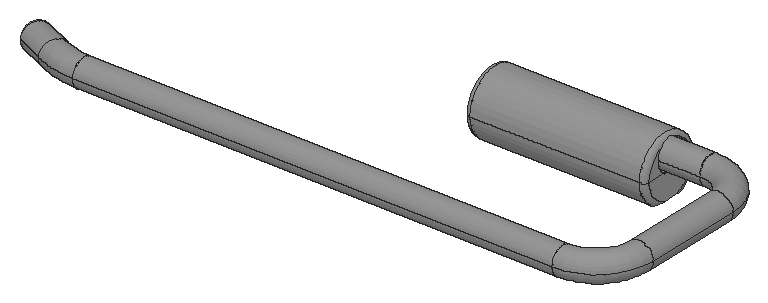
Revit family "Toilet_Roll_Holder-TSL-46-THESPLASHLAB-Double_Roll_Holder", category Specialty Equipment, host Face, Revit 2016
Family settings
  Host = Face
  Part Type = Normal
  Round Connector Dimension = Use Diameter
  OmniClass Number = 23.40.20.21.21
  OmniClass Title = Toilet Paper Dispensers
  Cut with Voids When Loaded = No
  Shared = No
  Room Calculation Point = No
Parameters (values of type "TSL-46_Brass")
  material test = none
  finish = Brass-Splashlab
  _distributed by = "www.thesplashlab.com"
  _current revision = 1
  _created by = CreatedBy  # "www.thesplashlab.com"
  _authorized by = ""
  _BIMspec_GUID = 0
  WarrantyStartDate [instance] = ""
  WarrantyGuarantorParts = ""
  WarrantyGuarantorLabor = ""
  WarrantyDurationUnit = "months"  # constant formula
  WarrantyDurationParts = "24"  # constant formula
  WarrantyDescription = "2 years from date of purchase"  # constant formula
  Version = ""
  Uniclass2 = "45-35-72/368"  # constant formula
  URL = "www.thesplashlab.com"
  TypeName = "TSL-46"  # constant formula
  Type Comments = "Brass Finish"
  TagNumber = ""
  Size = ""
  Shape = ""
  SerialNumber [instance] = ""
  ReplacementCost = ""
  ReferencedStandard = ""
  ProductionYear = ""
  Product Specification Link = "www.thesplashlab.com"
  Product Page Link = "www.thesplashlab.com"
  Product O&M Link = "www.thesplashlab.com"
  Product Documentation Link = "www.thesplashlab.com"
  NBSTypeID = ""
  NBSReference = Uniclass2  # "45-35-72/368"
  NBSObjectName = "Toilet_Roll_Holder-TSL-46-THESPLASHLAB-Double_Roll_Holder"  # constant formula
  NBSNote = ""
  NBS Specfication = ""
  Mtrl_distributed by = ""
  Mtrl_current revision = 0
  Mtrl_created by = ""
  Mtrl_bimspec_guid = 0
  Mtrl_authorized by = ""
  Mtrl_WarrantyStartDate = ""
  Mtrl_WarrantyGuarantorParts = ""
  Mtrl_WarrantyGuarantorLabor = ""
  Mtrl_WarrantyDurationUnit = ""
  Mtrl_WarrantyDurationParts = 0
  Mtrl_WarrantyDurationLabor = 0
  Mtrl_WarrantyDescription = ""
  Mtrl_Uniclass2 = ""
  Mtrl_TypeName = ""
  Mtrl_TagNumber = 0
  Mtrl_SpareParts = ""
  Mtrl_Size = ""
  Mtrl_Shape = ""
  Mtrl_SerialNumber = 0
  Mtrl_ReplacementCost = 0
  Mtrl_ReferencedStandard = ""
  Mtrl_ProductionYear = ""
  Mtrl_ModelNumber = ""
  Mtrl_Material = Material  # "Stainless Steel"
  Mtrl_Manufacturer = ""
  Mtrl_InstallationDate = ""
  Mtrl_Grade = Grade  # "304"
  Mtrl_Finish = Finish  # "Brass"
  Mtrl_Features = ""
  Mtrl_ExpectedLife = 0
  Mtrl_Exidentifier = ""
  Mtrl_DurationUnit = ""
  Mtrl_DocumentationTechnical = ""
  Mtrl_DocumentationMaintenance = ""
  Mtrl_DocumentationLiterature = ""
  Mtrl_DocumentationInstallationGuide = ""
  Mtrl_DocumentationCertificates = ""
  Mtrl_CreatedOn = ""
  Mtrl_CreatedBy = ""
  Mtrl_Constituents = ""
  Mtrl_Color = Color  # ""
  Mtrl_CodePerformance = ""
  Mtrl_ClassificationValue = ""
  Mtrl_ClassificationName = ""
  Mtrl_BarCode = ""
  Mtrl_AssetType = ""
  Mtrl_AssetIdentifier = ""
  Mtrl_AccessibilityPerformance = ""
  ModelNumber = ""
  Model = "TSL-46"  # constant formula
  Material = "Stainless Steel"  # constant formula
  Manufacturer Tel = "0161 482 7000"  # constant formula
  Manufacturer Fax = ""
  Manufacturer Address = ""
  Manufacturer = "The Splash Lab"  # constant formula
  Keynote = "N13/340"
  InstallationDate [instance] = ""
  Grade = "304"  # constant formula
  Finish = "Brass"
  Features = ""
  Extidentifier = ""
  ExpectedLife = 2  # constant formula
  DurationUnit = "Years"  # constant formula
  DocumentationTechnical = "www.thesplashlab.com"
  DocumentationMaintenance = "www.thesplashlab.com"
  DocumentationLiterature = "www.thesplashlab.com"
  DocumentationInstallationGuide = "www.thesplashlab.com"
  DocumentationCertificates = ""
  Description = "The TSL-46 is a double toilet roll holder with a concealed fixing, constructed from stainless steel."  # constant formula
  Default Elevation = 900 mm
  CreatedOn = "Jul-2017"  # constant formula
  CreatedBy = "www.thesplashlab.com"  # constant formula
  Constituents = ""
  Color = ""
  CodePerformance = ""
  ClassificationValue = ""
  ClassificationName = ""
  BarCode [instance] = ""
  AssetType = "fixed"  # constant formula
  AssetIdentifier [instance] = ""
  Assembly Code = "E1010900"
  AccessibilityPerformance = ""
Types (6, lengths in mm): name | finish | Type Comments | Mtrl_Finish | Finish
  (no name) | Brass-Splashlab | "Brass Finish" | "Brass" | "Brass"
  TSL-46_Steel | Brushed Stainless Steel | "Steel Finish" | "Steel" | "Steel"
  TSL-46_Copper | Copper-Splashlab | "Copper Finish" | "Copper" | "Copper"
  TSL-46_Brass | Brass-Splashlab | "Brass Finish" | "Brass" | "Brass"
  TSL-46_Bronze | Bronze-Splashlab | "Bronze Finish" | "Bronze" | "Bronze"
  TSL-46_Black | Black-Splashlab | "Black Finish" | "Black" | "Black"
Reference planes
  plane 1 "Center (Front/Back)": y = 0
  plane 2: z = 0
  plane 3 "Center (Left/Right)": x = 0
  plane 4: z = 0
Dimensions and locks
  aligned and locked: plane 2 to host face
  aligned and locked: level to host face
  aligned and locked: plane 3 "Center (Left/Right)" to nested 1
  aligned and locked: nested 1 to plane 1 "Center (Front/Back)"
  aligned and locked: plane 4 to level
Nested families
  nested 1: "Toilet_Roll_Holder-THESPLASHLAB-Double_Roll_Holder" at (0, 0, 0) x (-1, 0, 0) z (0, 0, 1), type "TSL-46"
    with WarrantyStartDate "", SerialNumber "", InstallationDate "", BarCode "", AssetIdentifier ""
Definition of nested family "Toilet_Roll_Holder-THESPLASHLAB-Double_Roll_Holder"
  Parameters (values of type "TSL-46")
    material test = none
    finish = none
    _distributed by = "www.thesplashlab.com"
    _current revision = 1
    _created by = CreatedBy  # "www.thesplashlab.com"
    _authorized by = ""
    _BIMspec_GUID = 0
    WarrantyStartDate [instance] = ""
    WarrantyGuarantorParts = ""
    WarrantyGuarantorLabor = ""
    WarrantyDurationUnit = "months"  # constant formula
    WarrantyDurationParts = "24"  # constant formula
    WarrantyDescription = "2 years from date of purchase"  # constant formula
    Version = ""
    Uniclass2 = "45-35-72/368"  # constant formula
    URL = "www.thesplashlab.com"
    TypeName = "TSL-46"  # constant formula
    Type Comments = "Steel Finish"
    TagNumber = ""
    Size = ""
    Shape = ""
    SerialNumber [instance] = ""
    ReplacementCost = ""
    ReferencedStandard = ""
    ProductionYear = ""
    Product Specification Link = "www.thesplashlab.com"
    Product Page Link = "www.thesplashlab.com"
    Product O&M Link = "www.thesplashlab.com"
    Product Documentation Link = "www.thesplashlab.com"
    NBSTypeID = ""
    NBSReference = Uniclass2  # "45-35-72/368"
    NBSObjectName = "TheSplashLab TSL-46"  # constant formula
    NBSNote = ""
    NBS Specfication = ""
    Mtrl_distributed by = ""
    Mtrl_current revision = 0
    Mtrl_created by = ""
    Mtrl_bimspec_guid = 0
    Mtrl_authorized by = ""
    Mtrl_WarrantyStartDate = ""
    Mtrl_WarrantyGuarantorParts = ""
    Mtrl_WarrantyGuarantorLabor = ""
    Mtrl_WarrantyDurationUnit = ""
    Mtrl_WarrantyDurationParts = 0
    Mtrl_WarrantyDurationLabor = 0
    Mtrl_WarrantyDescription = ""
    Mtrl_Uniclass2 = ""
    Mtrl_TypeName = ""
    Mtrl_TagNumber = 0
    Mtrl_SpareParts = ""
    Mtrl_Size = ""
    Mtrl_Shape = ""
    Mtrl_SerialNumber = 0
    Mtrl_ReplacementCost = 0
    Mtrl_ReferencedStandard = ""
    Mtrl_ProductionYear = ""
    Mtrl_ModelNumber = ""
    Mtrl_Material = Material  # "Stainless Steel"
    Mtrl_Manufacturer = ""
    Mtrl_InstallationDate = ""
    Mtrl_Grade = Grade  # "304"
    Mtrl_Finish = Finish  # "Steel"
    Mtrl_Features = ""
    Mtrl_ExpectedLife = 0
    Mtrl_Exidentifier = ""
    Mtrl_DurationUnit = ""
    Mtrl_DocumentationTechnical = ""
    Mtrl_DocumentationMaintenance = ""
    Mtrl_DocumentationLiterature = ""
    Mtrl_DocumentationInstallationGuide = ""
    Mtrl_DocumentationCertificates = ""
    Mtrl_CreatedOn = ""
    Mtrl_CreatedBy = ""
    Mtrl_Constituents = ""
    Mtrl_Color = Color  # ""
    Mtrl_CodePerformance = ""
    Mtrl_ClassificationValue = ""
    Mtrl_ClassificationName = ""
    Mtrl_BarCode = ""
    Mtrl_AssetType = ""
    Mtrl_AssetIdentifier = ""
    Mtrl_AccessibilityPerformance = ""
    ModelNumber = ""
    Model = "TSL-46"  # constant formula
    Material = "Stainless Steel"  # constant formula
    Manufacturer Tel = "0161 482 7000"  # constant formula
    Manufacturer Fax = ""
    Manufacturer Address = ""
    Manufacturer = "The Splash Lab"  # constant formula
    Keynote = "N13/340"
    InstallationDate [instance] = ""
    Grade = "304"  # constant formula
    Finish = "Steel"
    Features = ""
    Extidentifier = ""
    ExpectedLife = 2  # constant formula
    DurationUnit = "Years"  # constant formula
    DocumentationTechnical = "www.thesplashlab.com"
    DocumentationMaintenance = "www.thesplashlab.com"
    DocumentationLiterature = "www.thesplashlab.com"
    DocumentationInstallationGuide = "www.thesplashlab.com"
    DocumentationCertificates = ""
    Description = "The TSL-46 is a double toilet roll holder with a concealed fixing, constructed from stainless steel."  # constant formula
    Default Elevation = 900 mm
    CreatedOn = "Jul-2017"  # constant formula
    CreatedBy = "www.thesplashlab.com"  # constant formula
    Constituents = ""
    Color = ""
    CodePerformance = ""
    ClassificationValue = ""
    ClassificationName = ""
    BarCode [instance] = ""
    AssetType = "fixed"  # constant formula
    AssetIdentifier [instance] = ""
    Assembly Code = "E1010900"
    AccessibilityPerformance = ""
  Reference planes
    plane 1 "Center (Front/Back)": y = 0
    plane 2: z = 0
    plane 3 "Center (Left/Right)": x = 0
    plane 4: z = 12
    plane 5: z = 18.5
    plane 6: x = -42.5
    plane 7: x = 42.5
    plane 8: x = -88.1
    plane 9: x = 196.9
    plane 10: y = 15
    plane 11: y = -15
    plane 12: z = 27
    plane 13: y = -93.5
  Forms (mm)
    Extrusion 1, solid
      sketch origin (-266.8, -230.5, 0) x (1, 0, 0) y (0, 1, 0)
        loop
          line (-1219.2, 1040) -> (-1219.2, 522.508) -> (1219.2, 522.508) -> (1219.2, 1040) -> (-1219.2, 1040)
      from 0 to -304.8
    Revolve 2, solid, material <- "finish"
      sketch origin (0, 0, 12) x (-1, 0, 0) y (0, -1, 0)
        loop
          line (42.5, 0) -> (-42.5, 0) -> (-42.5, -12.5)
          arc (-42.5, -12.5) -> (-41.768, -14.268) -> (-40, -15) r 2.5
          line (-40, -15) -> (40, -15)
          arc (40, -15) -> (41.768, -14.268) -> (42.5, -12.5) r 2.5
          line (42.5, -12.5) -> (42.5, 0)
        axis (-42.5, 0) -> (42.5, 0)
      angle from 0 to 360
    Extrusion 3, void
      sketch origin (-68, -51.084, 1221.7) x (0, 1, 0) y (0, 0, 1)
        loop
          circle (51.084, -1203.2) r 7.5
      from -13.5 to 68
    Sweep 4, solid, material <- "finish"
      path in 3D
        loop
          line (0, 0, 18.5) -> (-61.5, 0, 18.5)
          arc (-61.5, 0, 18.5) -> (-75.642, -5.858, 18.5) -> (-81.5, -20, 18.5) r 20
          line (-81.5, -20, 18.5) -> (-81.5, -67, 18.5)
          arc (-81.5, -67, 18.5) -> (-75.642, -81.142, 18.5) -> (-61.5, -87, 18.5) r 20
          line (-61.5, -87, 18.5) -> (164.632, -87, 18.5)
          arc (164.632, -87, 18.5) -> (173.29, -86.052, 18.5) -> (181.537, -83.252, 18.5) r 40
          line (181.537, -83.252, 18.5) -> (196.158, -76.435, 18.5)
      profile origin (-30.75, 0, 18.5) x (0, -1, 0) y (0, 0, 1)
        loop
          circle (0, 0) r 6.5
    Sweep 5, void
      path in 3D
        loop
          arc (193.411, -70.544, 18.5) -> (196.158, -76.435, 12) -> (198.905, -82.326, 18.5) r 6.5
          arc (198.905, -82.326, 18.5) -> (196.158, -76.435, 25) -> (193.411, -70.544, 18.5) r 6.5
      profile origin (196.158, -76.435, 25) x (0, 0, 1) y (0.906308, 0.422618, 0)
        loop
          line (0, 0) -> (-1, 0)
          arc (-1, 0) -> (-0.293, -0.293) -> (0, -1) r 1
          line (0, -1) -> (0, 0)
    Extrusion 6, void
      sketch origin (-68, -51.084, 1219.2) x (0, 1, 0) y (0, 0, 1)
        loop
          line (63.434, -1219.2) -> (38.434, -1219.2) -> (38.434, -1224.2) -> (63.434, -1224.2) -> (63.434, -1219.2)
      from 25.5 to 110.5
  Cuts and joins
    Extrusion 3, Extrusion 6 cuts Revolve 2
    Sweep 5 cuts Sweep 4
  Lines and regions (mm)
    reference lines
      curve 1: line (0, 0, 18.5) -> (-61.5, 0, 18.5)
      curve 2: line (-81.5, -20, 18.5) -> (-81.5, -67, 18.5)
      curve 3: line (-61.5, -87, 18.5) -> (164.632, -87, 18.5)
      curve 4: arc (-61.5, 0, 18.5) -> (-75.642, -5.858, 18.5) -> (-81.5, -20, 18.5) r 20
      curve 5: arc (-81.5, -67, 18.5) -> (-75.642, -81.142, 18.5) -> (-61.5, -87, 18.5) r 20
      curve 6: line (181.537, -83.252, 18.5) -> (196.158, -76.435, 18.5)
      curve 7: arc (181.537, -83.252, 18.5) -> (173.29, -86.052, 18.5) -> (164.632, -87, 18.5) r 40
    sketch lines
      curve 8: line (0, 0, 18.5) -> (-61.5, 0, 18.5)
      curve 9: arc (-61.5, 0, 18.5) -> (-75.642, -5.858, 18.5) -> (-81.5, -20, 18.5) r 20
      curve 10: line (-81.5, -20, 18.5) -> (-81.5, -67, 18.5)
      curve 11: arc (-81.5, -67, 18.5) -> (-75.642, -81.142, 18.5) -> (-61.5, -87, 18.5) r 20
      curve 12: arc (181.537, -83.252, 18.5) -> (173.29, -86.052, 18.5) -> (164.632, -87, 18.5) r 40
      curve 13: line (181.537, -83.252, 18.5) -> (196.158, -76.435, 18.5)
      curve 14: arc (198.905, -82.326, 18.5) -> (196.158, -76.435, 25) -> (193.411, -70.544, 18.5) r 6.5
      curve 15: arc (193.411, -70.544, 18.5) -> (196.158, -76.435, 12) -> (198.905, -82.326, 18.5) r 6.5
      curve 16: line (164.632, -87, 18.5) -> (-61.5, -87, 18.5)
  Dimensions and locks
    plane 8 to plane 9 = 285 mm
    plane 6 to plane 7 = 85 mm
    plane 8 to plane 7 = 130.6 mm
    plane 10 to plane 11 = 30 mm
    level to plane 12 = 27 mm
    level to plane 4 = 12 mm
    plane 10 to plane 13 = 108.5 mm
    plane 1 "Center (Front/Back)" to plane 13 = 93.5 mm
    aligned and locked: plane 2 to Extrusion 1
    aligned and locked: level to Extrusion 1
    aligned and locked: Revolve 2 sketch curve to plane 1 "Center (Front/Back)"  (x2)
    aligned and locked: Revolve 2 sketch curve to plane 6
    aligned and locked: Revolve 2 sketch curve to plane 7
    aligned and locked: Extrusion 3 to curve 2
    aligned and locked: plane 3 "Center (Left/Right)" to Extrusion 3
    aligned and locked: plane 6 to Extrusion 6
    aligned and locked: Extrusion 6 to plane 7
